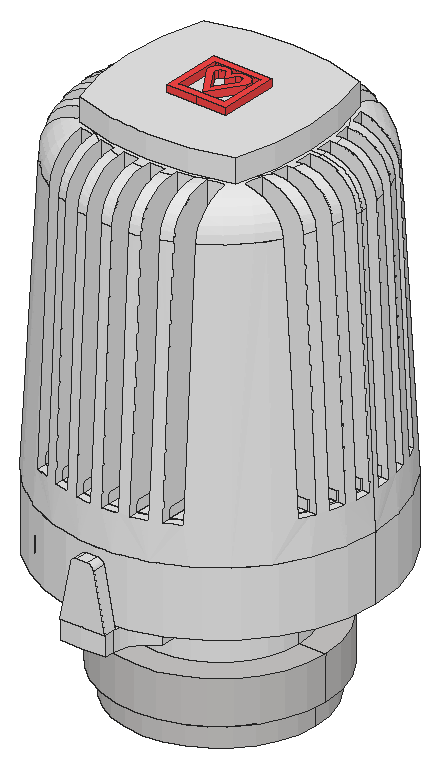
Revit family "HERZ-Classic-Thermostatic Sensor M28x1.5 7230", category Rohrzubehör, Revit 2018
Family settings
  Bemaßung runder Anschluss = Durchmesser verwenden
  Teiletyp = Normal
  OmniClass-Nummer = 23.65.55.14
  OmniClass-Titel = Valves for Liquid Services
  Arbeitsebenenbasiert = Nein
  Immer vertikal = Nein
  Beim Laden mit Abzugskörper schneiden = Nein
  Gemeinsam genutzt = Nein
Parameters
  Part number = 1723006  # constant formula
  Operation = "The HERZ-thermostat serves as probe and control element.\r\nThe valve spindle is moved when the volume of the liquid fillng of the HERZ-hydrosensor changes."
  Model = "Radiator Thermostat With Hydrosensor (liquid filled)\r\nWith \"0\" position, adjustable frost protection, limitation and locking of set value range.\r\nWhite hand wheel."
  Frost protection = "6°C"  # constant formula
  W02 = 120.00°  # constant formula
  W01 = 135.00°  # constant formula
  URL = "www.herzvalves.com"
  Set value range = "0 - 28°C"  # constant formula
  S02 = 60.000 mm  # constant formula
  S01 = H02 + H07  # 76.000 mm
  R07 = 6.000 mm  # constant formula
  R06 = 24.000 mm  # constant formula
  R05 = 16.350 mm  # constant formula
  R04 = 14.750 mm  # constant formula
  R03 = 13.200 mm  # constant formula
  R02 = 12.200 mm  # constant formula
  R01 = 22.400 mm  # constant formula
  Hersteller = "HERZ Armaturen Ges.m.b.H."  # constant formula
  Hand wheel = "plastic, white"  # constant formula
  H09 = 3.500 mm  # constant formula
  H08 = 10.000 mm  # constant formula
  H07 = 59.000 mm  # constant formula
  H06 = 3.000 mm  # constant formula
  H05 = 10.500 mm  # constant formula
  H03 = 5.500 mm  # constant formula
  H02 = 17.000 mm  # constant formula
  H01 = 34.000 mm  # constant formula
  Application = "Can be combined with any HERZ-valve suitable for thermostatic operation."
Reference planes
  plane 1 "Mitte (Vorne/hinten)": y = 0
  plane 2: z = 0
  plane 3 "Mitte (Links/rechts)": x = 0
Forms (mm)
  Revolve 1, solid, material "Kunststoff weiß", detail levels fine
    sketch origin (0, 0, 0) x (1, 0, 0) y (0, 0, 1)
      loop
        line (0, 0) -> (13.2, 0) -> (13.2, 4.5) -> (12.2, 5.5) -> (12.2, 17) -> (22.4, 17) -> (22.4, 34) -> (0, 34) -> (0, 0)
      axis (0, 34) -> (0, 0)
    angle from 0 to 360
  Revolve 2, solid, material "Messing verzinkt", detail levels fine
    sketch origin (0, 0, 0) x (1, 0, 0) y (0, 0, 1)
      loop
        line (0, 5.5) -> (13.2, 5.5) -> (13.2, -3.063) -> (14.75, -3.063) -> (14.75, -0.063) -> (16.35, 0.861) -> (16.35, 7.437) -> (0, 7.437) -> (0, 5.5)
      axis (0, 7.437) -> (0, -3.063)
    angle from 0 to 360
  Revolve 3, solid, material "Kunststoff weiß", detail levels fine
    sketch origin (0, 0, 0) x (1, 0, 0) y (0, 0, 1)
      loop
        line (0, 17) -> (24, 17) -> (24, 27) -> (21.791, 70.306)
        arc (21.791, 70.306) -> (19.931, 74.349) -> (15.798, 76) r 6
        line (15.798, 76) -> (0, 76) -> (0, 17)
      axis (0, 76) -> (0, 17)
    angle from 0 to 360
  Extrusion 4, void
    sketch origin (0, 0, 0) x (1, 0, 0) y (0, 1, 0)
      loop
        line (24.458, 0.8) -> (24.458, 3.2) -> (14.361, 3.2)
        arc (14.361, 3.2) -> (14.446, 2.001) -> (14.491, 0.8) r 37
        line (14.491, 0.8) -> (24.458, 0.8)
      loop
        line (24.458, 4.8) -> (24.458, 7.2) -> (13.793, 7.2)
        arc (13.793, 7.2) -> (14.01, 6.003) -> (14.187, 4.8) r 37
        line (14.187, 4.8) -> (24.458, 4.8)
      loop
        line (24.458, 8.8) -> (24.458, 11.2) -> (12.764, 11.2)
        arc (12.764, 11.2) -> (13.121, 10.006) -> (13.438, 8.8) r 37
        line (13.438, 8.8) -> (24.458, 8.8)
      loop
        line (24.458, -0.8) -> (14.491, -0.8)
        arc (14.491, -0.8) -> (14.446, -2.001) -> (14.361, -3.2) r 37
        line (14.361, -3.2) -> (24.458, -3.2) -> (24.458, -0.8)
      loop
        line (24.458, -4.8) -> (14.187, -4.8)
        arc (14.187, -4.8) -> (14.01, -6.003) -> (13.793, -7.2) r 37
        line (13.793, -7.2) -> (24.458, -7.2) -> (24.458, -4.8)
      loop
        line (24.458, -8.8) -> (13.438, -8.8)
        arc (13.438, -8.8) -> (13.121, -10.006) -> (12.764, -11.2) r 37
        line (12.764, -11.2) -> (24.458, -11.2) -> (24.458, -8.8)
      loop
        line (-24.458, 0.8) -> (-14.491, 0.8)
        arc (-14.491, 0.8) -> (-14.446, 2.001) -> (-14.361, 3.2) r 37
        line (-14.361, 3.2) -> (-24.458, 3.2) -> (-24.458, 0.8)
      loop
        line (-24.458, 4.8) -> (-14.187, 4.8)
        arc (-14.187, 4.8) -> (-14.01, 6.003) -> (-13.793, 7.2) r 37
        line (-13.793, 7.2) -> (-24.458, 7.2) -> (-24.458, 4.8)
      loop
        line (-24.458, 8.8) -> (-13.438, 8.8)
        arc (-13.438, 8.8) -> (-13.121, 10.006) -> (-12.764, 11.2) r 37
        line (-12.764, 11.2) -> (-24.458, 11.2) -> (-24.458, 8.8)
      loop
        line (-24.458, -0.8) -> (-24.458, -3.2) -> (-14.361, -3.2)
        arc (-14.361, -3.2) -> (-14.446, -2.001) -> (-14.491, -0.8) r 37
        line (-14.491, -0.8) -> (-24.458, -0.8)
      loop
        line (-24.458, -4.8) -> (-24.458, -7.2) -> (-13.793, -7.2)
        arc (-13.793, -7.2) -> (-14.01, -6.003) -> (-14.187, -4.8) r 37
        line (-14.187, -4.8) -> (-24.458, -4.8)
      loop
        line (-24.458, -8.8) -> (-24.458, -11.2) -> (-12.764, -11.2)
        arc (-12.764, -11.2) -> (-13.121, -10.006) -> (-13.438, -8.8) r 37
        line (-13.438, -8.8) -> (-24.458, -8.8)
      loop
        line (0.8, 24.458) -> (0.8, 14.491)
        arc (0.8, 14.491) -> (2.001, 14.446) -> (3.2, 14.361) r 37
        line (3.2, 14.361) -> (3.2, 24.458) -> (0.8, 24.458)
      loop
        line (4.8, 24.458) -> (4.8, 14.187)
        arc (4.8, 14.187) -> (6.003, 14.01) -> (7.2, 13.793) r 37
        line (7.2, 13.793) -> (7.2, 24.458) -> (4.8, 24.458)
      loop
        line (8.8, 24.458) -> (8.8, 13.438)
        arc (8.8, 13.438) -> (10.006, 13.121) -> (11.2, 12.764) r 37
        line (11.2, 12.764) -> (11.2, 24.458) -> (8.8, 24.458)
      loop
        line (-0.8, 24.458) -> (-3.2, 24.458) -> (-3.2, 14.361)
        arc (-3.2, 14.361) -> (-2.001, 14.446) -> (-0.8, 14.491) r 37
        line (-0.8, 14.491) -> (-0.8, 24.458)
      loop
        line (-4.8, 24.458) -> (-7.2, 24.458) -> (-7.2, 13.793)
        arc (-7.2, 13.793) -> (-6.003, 14.01) -> (-4.8, 14.187) r 37
        line (-4.8, 14.187) -> (-4.8, 24.458)
      loop
        line (-8.8, 24.458) -> (-11.2, 24.458) -> (-11.2, 12.764)
        arc (-11.2, 12.764) -> (-10.006, 13.121) -> (-8.8, 13.438) r 37
        line (-8.8, 13.438) -> (-8.8, 24.458)
      loop
        line (0.8, -24.458) -> (3.2, -24.458) -> (3.2, -14.361)
        arc (3.2, -14.361) -> (2.001, -14.446) -> (0.8, -14.491) r 37
        line (0.8, -14.491) -> (0.8, -24.458)
      loop
        line (4.8, -24.458) -> (7.2, -24.458) -> (7.2, -13.793)
        arc (7.2, -13.793) -> (6.003, -14.01) -> (4.8, -14.187) r 37
        line (4.8, -14.187) -> (4.8, -24.458)
      loop
        line (8.8, -24.458) -> (11.2, -24.458) -> (11.2, -12.764)
        arc (11.2, -12.764) -> (10.006, -13.121) -> (8.8, -13.438) r 37
        line (8.8, -13.438) -> (8.8, -24.458)
      loop
        line (-0.8, -24.458) -> (-0.8, -14.491)
        arc (-0.8, -14.491) -> (-2.001, -14.446) -> (-3.2, -14.361) r 37
        line (-3.2, -14.361) -> (-3.2, -24.458) -> (-0.8, -24.458)
      loop
        line (-4.8, -24.458) -> (-4.8, -14.187)
        arc (-4.8, -14.187) -> (-6.003, -14.01) -> (-7.2, -13.793) r 37
        line (-7.2, -13.793) -> (-7.2, -24.458) -> (-4.8, -24.458)
      loop
        line (-8.8, -24.458) -> (-8.8, -13.438)
        arc (-8.8, -13.438) -> (-10.006, -13.121) -> (-11.2, -12.764) r 37
        line (-11.2, -12.764) -> (-11.2, -24.458) -> (-8.8, -24.458)
    from 32.5 to 78
  Extrusion 5, solid, material "Kunststoff weiß", detail levels fine
    sketch origin (0, 0, 0) x (1, 0, 0) y (0, 1, 0)
      loop
        arc (12, 12) -> (0, 14) -> (-12, 12) r 37
        arc (-12, 12) -> (-14, 0) -> (-12, -12) r 37
        arc (-12, -12) -> (0, -14) -> (12, -12) r 37
        arc (12, -12) -> (14, 0) -> (12, 12) r 37
    from 76 to 79.5
  Extrusion 6, solid, material "Kunststoff weiß", detail levels fine
    sketch origin (0.017, -0.017, 0) x (0, -1, 0) y (1, 0, 0)
      loop
        line (14.714, 6.983) -> (14.714, -7.017) -> (19.645, -7.017)
        arc (19.645, -7.017) -> (21.761, -4.508) -> (24.882, -3.488) r 6
        line (24.882, -3.488) -> (26.272, -3.488)
        arc (26.272, -3.488) -> (26.5, 0) -> (26.267, 3.488) r 26.5
        line (26.267, 3.488) -> (24.882, 3.488)
        arc (24.882, 3.488) -> (21.777, 4.497) -> (19.66, 6.983) r 6
        line (19.66, 6.983) -> (14.714, 6.983)
    from 14 to 17
  Extrusion 7, solid, material "Kunststoff weiß", detail levels fine
    sketch origin (0.017, -0.017, 0) x (1, 0, 0) y (0, 0, 1)
      loop
        arc (-0.8, 26.1) -> (-1.432, 25.875) -> (-1.779, 25.302) r 1
        line (-1.779, 25.302) -> (-3.488, 17) -> (3.488, 17) -> (1.779, 25.302)
        arc (1.779, 25.302) -> (1.432, 25.875) -> (0.8, 26.1) r 1
        line (0.8, 26.1) -> (-0.8, 26.1)
    from 26.5 to 24.5
Cuts and joins
  Extrusion 4 cuts Revolve 1
  Extrusion 4 cuts Revolve 3
Lines and regions (mm)
  model lines, detail levels coarse+medium
    curve 1: line (0, 0, 0) -> (0, 0, 16)
    curve 2: line (0, 0, 0) -> (0, 16, 0)
    curve 3: circle (0, 0, 46) r 30 normal (0, -1, 0)
    curve 4: circle (0, 0, 46) r 30 normal (1, 0, 0)
    curve 5: line (0, 0, 26) -> (0, 0, 66)
    curve 6: line (0, 17.5, 66) -> (0, -17.5, 66)
    curve 7: line (0, 0, 26) -> (0, 0, 66)
    curve 8: line (-17.5, 0, 66) -> (17.5, 0, 66)
    curve 9: circle (0, 46, 0) r 30 normal (0, 0, 1)
    curve 10: line (0, 26, 0) -> (0, 66, 0)
    curve 11: line (-17.5, 66, 0) -> (17.5, 66, 0)
Dimensions and locks
  "H01": Revolve 1 sketch curve to Revolve 1 sketch curve
  "H02": Revolve 1 sketch curve to Revolve 1 sketch curve
  "H03": Revolve 1 sketch curve to Revolve 1 sketch curve
  "R01": Revolve 1 sketch curve to Revolve 1 sketch curve
  "R02": Revolve 1 sketch curve to Revolve 1 sketch curve
  "R03": Revolve 1 sketch curve to Revolve 1 sketch curve
  "H05": Revolve 2 sketch curve to Revolve 2 sketch curve
  "H06": Revolve 2 sketch curve to Revolve 2 sketch curve
  "H03": Revolve 2 sketch curve to plane 2
  "R04": Revolve 2 sketch curve to plane 3 "Mitte (Links/rechts)"
  "R03": plane 3 "Mitte (Links/rechts)" to Revolve 2 sketch curve
  "R05": Revolve 2 sketch curve to plane 3 "Mitte (Links/rechts)"
  "H08": Revolve 3 sketch curve to Revolve 3 sketch curve
  "R06": Revolve 3 sketch curve to Revolve 3 sketch curve
  "H02": Revolve 3 sketch curve to plane 2
  "H07": Revolve 3 sketch curve to Revolve 3 sketch curve
  "S01": curve 4 to plane 2
  "S01": curve 3 to plane 2
  "S01": plane 1 "Mitte (Vorne/hinten)" to curve 9
  "R07": radius of Revolve 3 sketch curve
  "S02": diameter of curve 3
  "S02": diameter of curve 4
  "S02": diameter of curve 9
  "W01": angle Revolve 1 sketch curve to Revolve 1 sketch curve
  "W02": angle Revolve 2 sketch curve to Revolve 2 sketch curve
  aligned and locked: level to plane 2
Automatic sketch dimensions
  plane 1 "Mitte (Vorne/hinten)" to Extrusion 5 sketch curve = 0.000 mm  (x2)
  Extrusion 5 sketch curve to plane 3 "Mitte (Links/rechts)" = 0.000 mm  (x2)
  Extrusion 5 sketch curve to plane 3 "Mitte (Links/rechts)" = 23.000 mm
  plane 3 "Mitte (Links/rechts)" to Extrusion 5 sketch curve = 23.000 mm
  plane 1 "Mitte (Vorne/hinten)" to Extrusion 5 sketch curve = 23.000 mm
  Extrusion 5 sketch curve to plane 1 "Mitte (Vorne/hinten)" = 23.000 mm
  Extrusion 5 sketch curve to plane 3 "Mitte (Links/rechts)" = 12.000 mm  (x2)
  plane 3 "Mitte (Links/rechts)" to Extrusion 5 sketch curve = 12.000 mm
  plane 1 "Mitte (Vorne/hinten)" to Extrusion 5 sketch curve = 12.000 mm
  Extrusion 4 sketch curve to Extrusion 4 sketch curve = 0.000 mm  (x58)
  plane 1 "Mitte (Vorne/hinten)" to Extrusion 4 sketch curve = 0.000 mm  (x2)
  Extrusion 4 sketch curve to plane 3 "Mitte (Links/rechts)" = 0.000 mm  (x2)
  Extrusion 4 sketch curve to plane 3 "Mitte (Links/rechts)" = 0.800 mm  (x2)
  Extrusion 4 sketch curve to Extrusion 4 sketch curve = 2.400 mm  (x12)
  Extrusion 4 sketch curve to Extrusion 4 sketch curve = 1.600 mm  (x16)
  Extrusion 4 sketch curve to Extrusion 4 sketch curve = 1.564 mm  (x8)
  Extrusion 4 sketch curve to Extrusion 4 sketch curve = 0.674 mm  (x5)
  Extrusion 4 sketch curve to Extrusion 4 sketch curve = 0.354 mm  (x8)
  Extrusion 4 sketch curve to Extrusion 4 sketch curve = 0.395 mm  (x4)
  Extrusion 4 sketch curve to Extrusion 4 sketch curve = 0.174 mm  (x8)
  plane 1 "Mitte (Vorne/hinten)" to Extrusion 4 sketch curve = 0.800 mm  (x2)
  Extrusion 4 sketch curve to Extrusion 4 sketch curve = 0.130 mm  (x2)
  Extrusion 4 sketch curve to plane 1 "Mitte (Vorne/hinten)" = 0.800 mm  (x2)
  Extrusion 4 sketch curve to Extrusion 4 sketch curve = 8.009 mm  (x3)
  Extrusion 4 sketch curve to Extrusion 4 sketch curve = 1.958 mm  (x7)
  plane 3 "Mitte (Links/rechts)" to Extrusion 4 sketch curve = 0.800 mm  (x2)
  Extrusion 4 sketch curve to Extrusion 4 sketch curve = 11.019 mm
  Extrusion 6 sketch curve to plane 3 "Mitte (Links/rechts)" = 0.000 mm
  plane 1 "Mitte (Vorne/hinten)" to Extrusion 6 sketch curve = 0.017 mm
  Extrusion 6 sketch curve to plane 3 "Mitte (Links/rechts)" = 7.000 mm
  plane 1 "Mitte (Vorne/hinten)" to Extrusion 6 sketch curve = 14.731 mm
  Extrusion 6 sketch curve to Extrusion 6 sketch curve = 4.930 mm
  Extrusion 6 sketch curve to Extrusion 6 sketch curve = 4.946 mm
  Extrusion 6 sketch curve to plane 3 "Mitte (Links/rechts)" = 3.471 mm
  Extrusion 6 sketch curve to Extrusion 6 sketch curve = 5.237 mm
  Extrusion 6 sketch curve to Extrusion 6 sketch curve = 5.222 mm
  Extrusion 6 sketch curve to Extrusion 6 sketch curve = 5.470 mm
  Extrusion 6 sketch curve to Extrusion 6 sketch curve = 0.233 mm
  Extrusion 6 sketch curve to Extrusion 6 sketch curve = 1.390 mm
  plane 3 "Mitte (Links/rechts)" to Extrusion 6 sketch curve = 3.505 mm
  Extrusion 6 sketch curve to Extrusion 6 sketch curve = 3.495 mm
  Extrusion 6 sketch curve to Extrusion 6 sketch curve = 0.000 mm
  Extrusion 7 sketch curve to plane 3 "Mitte (Links/rechts)" = 3.471 mm
  Extrusion 7 sketch curve to plane 3 "Mitte (Links/rechts)" = 1.763 mm
  Extrusion 7 sketch curve to plane 3 "Mitte (Links/rechts)" = 0.783 mm
  plane 3 "Mitte (Links/rechts)" to Extrusion 7 sketch curve = 0.817 mm
  Extrusion 7 sketch curve to Extrusion 7 sketch curve = 0.979 mm
  plane 3 "Mitte (Links/rechts)" to Extrusion 7 sketch curve = 3.505 mm
  level to Extrusion 7 sketch curve = 17.000 mm
  Extrusion 7 sketch curve to Extrusion 7 sketch curve = 8.100 mm
  Extrusion 7 sketch curve to Extrusion 7 sketch curve = 0.000 mm
  Extrusion 7 sketch curve to Extrusion 7 sketch curve = 0.202 mm
  curve 5 to plane 1 "Mitte (Vorne/hinten)" = 0.000 mm
  curve 4 to plane 1 "Mitte (Vorne/hinten)" = 0.000 mm
  plane 1 "Mitte (Vorne/hinten)" to curve 6 = 17.500 mm
  curve 5 to curve 6 = 17.500 mm
  curve 5 to curve 4 = 20.000 mm
  curve 4 to curve 6 = 20.000 mm
  curve 3 to plane 3 "Mitte (Links/rechts)" = 0.000 mm
  curve 7 to plane 3 "Mitte (Links/rechts)" = 0.000 mm
  curve 1 to plane 3 "Mitte (Links/rechts)" = 0.000 mm
  curve 1 to level = 0.000 mm
  curve 8 to plane 3 "Mitte (Links/rechts)" = 17.500 mm
  curve 7 to curve 8 = 17.500 mm
  curve 1 to curve 7 = 10.000 mm
  curve 3 to curve 8 = 20.000 mm
  curve 9 to plane 3 "Mitte (Links/rechts)" = 0.000 mm
  curve 10 to plane 3 "Mitte (Links/rechts)" = 0.000 mm
  curve 2 to plane 3 "Mitte (Links/rechts)" = 0.000 mm
  plane 1 "Mitte (Vorne/hinten)" to curve 2 = 0.000 mm
  curve 11 to curve 10 = 17.500 mm
  plane 3 "Mitte (Links/rechts)" to curve 11 = 17.500 mm
  curve 2 to curve 10 = 10.000 mm
  curve 9 to curve 11 = 20.000 mm
  Revolve 1 sketch curve to level = 0.000 mm
  Revolve 1 sketch curve to plane 3 "Mitte (Links/rechts)" = 0.000 mm  (x2)
  Revolve 1 sketch curve to level = 366.045 mm
  Revolve 1 sketch curve to Revolve 1 sketch curve = 2180.315 mm
  Revolve 2 sketch curve to plane 3 "Mitte (Links/rechts)" = 0.000 mm  (x2)
  level to Revolve 2 sketch curve = 0.861 mm
  Revolve 2 sketch curve to Revolve 2 sketch curve = 362.982 mm
  Revolve 2 sketch curve to Revolve 2 sketch curve = 2206.878 mm
  Revolve 3 sketch curve to plane 3 "Mitte (Links/rechts)" = 0.000 mm  (x2)
  plane 3 "Mitte (Links/rechts)" to Revolve 3 sketch curve = 15.798 mm
  Revolve 3 sketch curve to Revolve 3 sketch curve = 5.992 mm
  Revolve 3 sketch curve to level = 366.045 mm
  Revolve 3 sketch curve to Revolve 3 sketch curve = 2138.315 mm
Nested families
  nested 1: "Herz-Logo" at (0, 0, 79), type "Herz-Logo", detail levels fine
Definition of nested family "Herz-Logo"
  Reference planes
    plane 1 "Mitte (Vorne/hinten)": y = 0
    plane 2: z = 0
    plane 3 "Mitte (Links/rechts)": x = 0
  Forms (mm)
    Extrusion 1, solid
      sketch origin (0, 0, 0) x (1, 0, 0) y (0, 1, 0)
        loop
          line (-0.018, -4.517) -> (4.482, -4.517) -> (4.482, 4.483) -> (-4.518, 4.483) -> (-4.518, -4.517) -> (-0.018, -4.517)
        loop
          line (-0.05, -3.48) -> (3.482, -3.48) -> (3.482, 3.483) -> (-3.518, 3.483) -> (-3.518, -3.48) -> (-0.05, -3.48)
        loop
          arc (-0.018, 2.383) -> (-1.543, 3.287) -> (-3.067, 2.383) r 1.738
          arc (-3.067, 2.383) -> (-3.191, 1.899) -> (-3.067, 1.415) r 1.009
          line (-3.067, 1.415) -> (-0.018, -3.281) -> (3.032, 1.415)
          arc (3.032, 1.415) -> (3.156, 1.899) -> (3.032, 2.383) r 1.009
          arc (3.032, 2.383) -> (1.507, 3.287) -> (-0.018, 2.383) r 1.738
        loop
          arc (1.885, 1.272) -> (2.005, 1.675) -> (1.885, 2.079) r 0.74
          arc (1.885, 2.079) -> (1.265, 2.416) -> (0.644, 2.079) r 0.74
          line (0.644, 2.079) -> (-0.018, 0.97) -> (-0.679, 2.079)
          arc (-0.679, 2.079) -> (-1.3, 2.416) -> (-1.921, 2.079) r 0.74
          arc (-1.921, 2.079) -> (-2.04, 1.675) -> (-1.921, 1.272) r 0.74
          line (-1.921, 1.272) -> (-0.018, -1.658) -> (1.885, 1.272)
      from 0 to 1.5
  Dimensions and locks
    aligned and locked: level to plane 2
